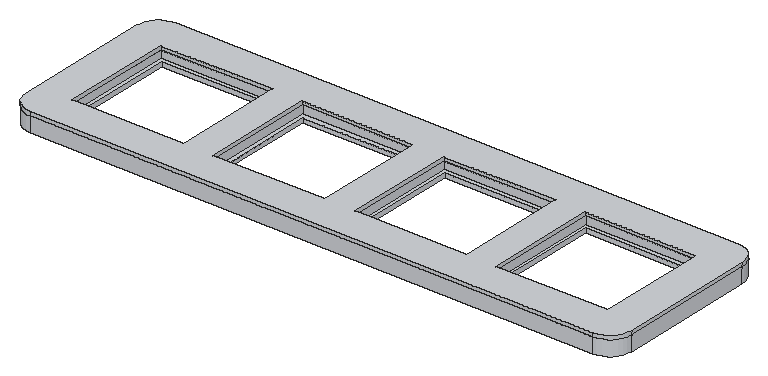
Revit family "Gira_0214412", category Electrical Fixtures, host Face, Revit 2017
Family settings
  Host = Face
  Maintain Annotation Orientation = No
  Round Connector Dimension = Use Diameter
  Part Type = Normal
  Cut with Voids When Loaded = No
  Shared = No
  Room Calculation Point = No
Parameters (values of type "Abdeckrahmen 4f Gira E3 Grau/Reinweiß")
  Werkstoffgüte = "sonstige"
  Werkstoff = "sonstige"
  URL = "http://katalog.gira.de/de_DE/datenblatt.html?artikelnr=0214412"
  Transparent = "No"
  Textfeld/Beschriftungsfläche = "No"
  Schutzart (IP) = "IP20"
  Region = "DE"
  Oberfläche = "sonstige"
  Name = "Abdeckrahmen 4f Gira E3 Grau/Reinweiß"
  Montagerichtung = "horizontal und vertikal"
  Mit Montagerahmen = "No"
  Mit Klappdeckel = "No"
  Manufacturer URL = "https://www.gira.de/"
  Keynote = "E3_Rahmen_4fach"
  HeinzeBIM = "https://bimportal.heinze.de/bim/abdeckrahmen-4f-gira-e3-grau-reinweiss/6685204046ec48e0c38b7033f0dcbb5aa81de2dd"
  Halogenfrei = "No"
  HAN = "0214412"
  Geeignet für Unterputz-Installation = "Yes"
  Geeignet für Unterflurkanaldose = "No"
  Geeignet für Geräteeinbaukanal = "No"
  Geeignet für Einbauinstallation = "No"
  GTIN = "4010337023920"
  Farbe = "grau"
  Default Elevation = 1219.2 mm
  Data sheet (1) = "https://katalog.gira.de/de_DE/download.html?artikelnr=0214412"
  Category = "Abdeckrahmen"
  Befestigungsart = "Klemmbefestigung"
  Available = "Yes"
  Anzahl der Einheiten vertikal = "4 "
  Anzahl der Einheiten horizontal = "4 "
  Anzahl der Einheiten = "4 "
Reference planes
  plane 1 "Center (Front/Back)": y = 0
  plane 2: z = 0
  plane 3 "Center (Left/Right)": x = 0
Forms (mm)
  Extrusion 1, solid, detail levels fine
    sketch origin (0, 0, 0) x (1, 0, 0) y (0, 1, 0)
      loop
        arc (-141.75, 45.809) -> (-149.535, 42.585) -> (-152.759, 34.8) r 11.009
        line (-152.759, 34.8) -> (-152.759, -34.8)
        arc (-152.759, -34.8) -> (-149.535, -42.585) -> (-141.75, -45.809) r 11.009
        line (-141.75, -45.809) -> (141.75, -45.809)
        arc (141.75, -45.809) -> (149.535, -42.585) -> (152.759, -34.8) r 11.009
        line (152.759, -34.8) -> (152.759, 34.8)
        arc (152.759, 34.8) -> (149.535, 42.585) -> (141.75, 45.809) r 11.009
        line (141.75, 45.809) -> (-141.75, 45.809)
      loop
        line (-78.85, 28.187) -> (-135.106, 28.187) -> (-135.106, -28.187) -> (-78.85, -28.187) -> (-78.85, 28.187)
      loop
        line (-63.95, 28.187) -> (-63.95, -28.187) -> (-7.695, -28.187) -> (-7.695, 28.187) -> (-63.95, 28.187)
      loop
        line (78.85, 28.187) -> (78.85, -28.187) -> (135.106, -28.187) -> (135.106, 28.187) -> (78.85, 28.187)
      loop
        line (63.95, 28.187) -> (7.695, 28.187) -> (7.695, -28.187) -> (63.95, -28.187) -> (63.95, 28.187)
    from 7.65 to 9.5
  Extrusion 2, solid, detail levels fine
    sketch origin (-107.15, 0, 0) x (1, 0, 0) y (0, 1, 0)
      loop
        line (26.1, 25.7) -> (-25.7, 25.7) -> (-25.7, -25.7) -> (26.1, -25.7) -> (26.1, 25.7)
      loop
        line (-28.187, -28.156) -> (28.187, -28.156) -> (28.187, 28.156) -> (-28.187, 28.156) -> (-28.187, -28.156)
    from 1.65 to 3.9
  Extrusion 3, solid, detail levels fine
    sketch origin (0, 0, 0) x (1, 0, 0) y (0, 1, 0)
      loop
        arc (-141.75, 45.809) -> (-149.535, 42.585) -> (-152.759, 34.8) r 11.009
        line (-152.759, 34.8) -> (-152.759, -34.8)
        arc (-152.759, -34.8) -> (-149.535, -42.585) -> (-141.75, -45.809) r 11.009
        line (-141.75, -45.809) -> (141.75, -45.809)
        arc (141.75, -45.809) -> (149.535, -42.585) -> (152.759, -34.8) r 11.009
        line (152.759, -34.8) -> (152.759, 34.8)
        arc (152.759, 34.8) -> (149.535, 42.585) -> (141.75, 45.809) r 11.009
        line (141.75, 45.809) -> (-141.75, 45.809)
      loop
        line (-150.793, 34.785) -> (-150.793, -34.785)
        arc (-150.793, -34.785) -> (-148.14, -41.19) -> (-141.735, -43.843) r 9.058
        line (-141.735, -43.843) -> (141.735, -43.843)
        arc (141.735, -43.843) -> (148.14, -41.19) -> (150.793, -34.785) r 9.058
        line (150.793, -34.785) -> (150.793, 34.785)
        arc (150.793, 34.785) -> (148.14, 41.19) -> (141.735, 43.843) r 9.058
        line (141.735, 43.843) -> (-141.735, 43.843)
        arc (-141.735, 43.843) -> (-148.14, 41.19) -> (-150.793, 34.785) r 9.058
    from 0 to 7.65
  Extrusion 4, solid, detail levels fine
    sketch origin (-35.75, 0, 0) x (1, 0, 0) y (0, 1, 0)
      loop
        line (-98.606, -31.075) -> (170.105, -31.075)
        arc (170.105, -31.075) -> (172.749, -29.98) -> (173.844, -27.337) r 3.739
        line (173.844, -27.337) -> (173.844, 27.337)
        arc (173.844, 27.337) -> (172.749, 29.98) -> (170.105, 31.075) r 3.739
        line (170.105, 31.075) -> (-98.606, 31.075)
        arc (-98.606, 31.075) -> (-101.249, 29.98) -> (-102.344, 27.337) r 3.739
        line (-102.344, 27.337) -> (-102.344, -27.337)
        arc (-102.344, -27.337) -> (-101.249, -29.98) -> (-98.606, -31.075) r 3.739
      loop
        line (-101.194, 27.537) -> (-101.194, -27.537)
        arc (-101.194, -27.537) -> (-100.495, -29.226) -> (-98.806, -29.925) r 2.389
        line (-98.806, -29.925) -> (170.305, -29.925)
        arc (170.305, -29.925) -> (171.994, -29.226) -> (172.694, -27.537) r 2.389
        line (172.694, -27.537) -> (172.694, 27.537)
        arc (172.694, 27.537) -> (171.994, 29.226) -> (170.305, 29.925) r 2.389
        line (170.305, 29.925) -> (-98.806, 29.925)
        arc (-98.806, 29.925) -> (-100.495, 29.226) -> (-101.194, 27.537) r 2.389
    from 1.65 to 7.65
  Extrusion 5, solid, detail levels fine
    sketch origin (0, 0, 0) x (1, 0, 0) y (0, 1, 0)
      loop
        line (-139.017, -39.8) -> (139.017, -39.8)
        arc (139.017, -39.8) -> (144.632, -36.708) -> (146.864, -30.7) r 9.2
        line (146.864, -30.7) -> (146.864, 30.7)
        arc (146.864, 30.7) -> (144.17, 37.205) -> (137.664, 39.9) r 9.2
        line (137.664, 39.9) -> (-137.664, 39.9)
        arc (-137.664, 39.9) -> (-144.17, 37.205) -> (-146.864, 30.7) r 9.2
        line (-146.864, 30.7) -> (-146.864, -30.7)
        arc (-146.864, -30.7) -> (-144.632, -36.708) -> (-139.017, -39.8) r 9.2
      loop
        line (-137.664, -31.7) -> (137.664, -31.7)
        arc (137.664, -31.7) -> (138.372, -31.407) -> (138.664, -30.7) r 1
        line (138.664, -30.7) -> (138.664, 30.7)
        arc (138.664, 30.7) -> (138.372, 31.407) -> (137.664, 31.7) r 1
        line (137.664, 31.7) -> (-137.664, 31.7)
        arc (-137.664, 31.7) -> (-138.372, 31.407) -> (-138.664, 30.7) r 1
        line (-138.664, 30.7) -> (-138.664, -30.7)
        arc (-138.664, -30.7) -> (-138.372, -31.407) -> (-137.664, -31.7) r 1
    from 1.65 to 3.9
  Extrusion 6, solid, detail levels fine
    sketch origin (-107.15, 0, 0) x (1, 0, 0) y (0, 1, 0)
      loop
        line (-28.187, 28.156) -> (-28.187, -28.156) -> (28.187, -28.156) -> (28.187, 28.156) -> (-28.187, 28.156)
      loop
        line (-29.925, 29.925) -> (-29.925, -29.925) -> (29.925, -29.925) -> (29.925, 29.925) -> (-29.925, 29.925)
    from 1.65 to 7.65
  Extrusion 7, solid, detail levels coarse+medium
    sketch origin (0, 0, 0) x (1, 0, 0) y (0, 1, 0)
      loop
        line (-152.759, 45.809) -> (-152.759, -45.809) -> (152.759, -45.809) -> (152.759, 45.809) -> (-152.759, 45.809)
    from 0 to 9.5
  Extrusion 8, solid, detail levels fine
    sketch origin (-35.65, 0, 0) x (-1, 0, 0) y (0, -1, 0)
      loop
        line (25.9, -25.7) -> (25.9, 25.7) -> (-25.9, 25.7) -> (-25.9, -25.7) -> (25.9, -25.7)
      loop
        line (-28.187, 28.156) -> (-28.187, -28.156) -> (28.187, -28.156) -> (28.187, 28.156) -> (-28.187, 28.156)
    from 1.65 to 3.9
  Extrusion 9, solid, detail levels fine
    sketch origin (-35.65, 0, 0) x (-1, 0, 0) y (0, -1, 0)
      loop
        line (-28.187, -28.156) -> (28.187, -28.156) -> (28.187, 28.156) -> (-28.187, 28.156) -> (-28.187, -28.156)
      loop
        line (-29.925, -29.925) -> (29.925, -29.925) -> (29.925, 29.925) -> (-29.925, 29.925) -> (-29.925, -29.925)
    from 1.65 to 7.65
  Extrusion 10, solid, detail levels fine
    sketch origin (35.85, 0, 0) x (-1, 0, 0) y (0, -1, 0)
      loop
        line (26.1, -25.7) -> (26.1, 25.7) -> (-25.7, 25.7) -> (-25.7, -25.7) -> (26.1, -25.7)
      loop
        line (-28.187, 28.156) -> (-28.187, -28.156) -> (28.187, -28.156) -> (28.187, 28.156) -> (-28.187, 28.156)
    from 1.65 to 3.9
  Extrusion 11, solid, detail levels fine
    sketch origin (35.85, 0, 0) x (-1, 0, 0) y (0, -1, 0)
      loop
        line (-28.187, -28.156) -> (28.187, -28.156) -> (28.187, 28.156) -> (-28.187, 28.156) -> (-28.187, -28.156)
      loop
        line (-29.925, -29.925) -> (29.925, -29.925) -> (29.925, 29.925) -> (-29.925, 29.925) -> (-29.925, -29.925)
    from 1.65 to 7.65
  Extrusion 12, solid, detail levels fine
    sketch origin (107.15, 0, 0) x (-1, 0, 0) y (0, -1, 0)
      loop
        line (26.1, -25.7) -> (26.1, 25.7) -> (-25.7, 25.7) -> (-25.7, -25.7) -> (26.1, -25.7)
      loop
        line (-28.187, 28.156) -> (-28.187, -28.156) -> (28.187, -28.156) -> (28.187, 28.156) -> (-28.187, 28.156)
    from 1.65 to 3.9
  Extrusion 13, solid, detail levels fine
    sketch origin (107.15, 0, 0) x (-1, 0, 0) y (0, -1, 0)
      loop
        line (-28.187, -28.156) -> (28.187, -28.156) -> (28.187, 28.156) -> (-28.187, 28.156) -> (-28.187, -28.156)
      loop
        line (-29.925, -29.925) -> (29.925, -29.925) -> (29.925, 29.925) -> (-29.925, 29.925) -> (-29.925, -29.925)
    from 1.65 to 7.65
Dimensions and locks
  aligned and locked: plane 2 to host face
  aligned and locked: level to host face
